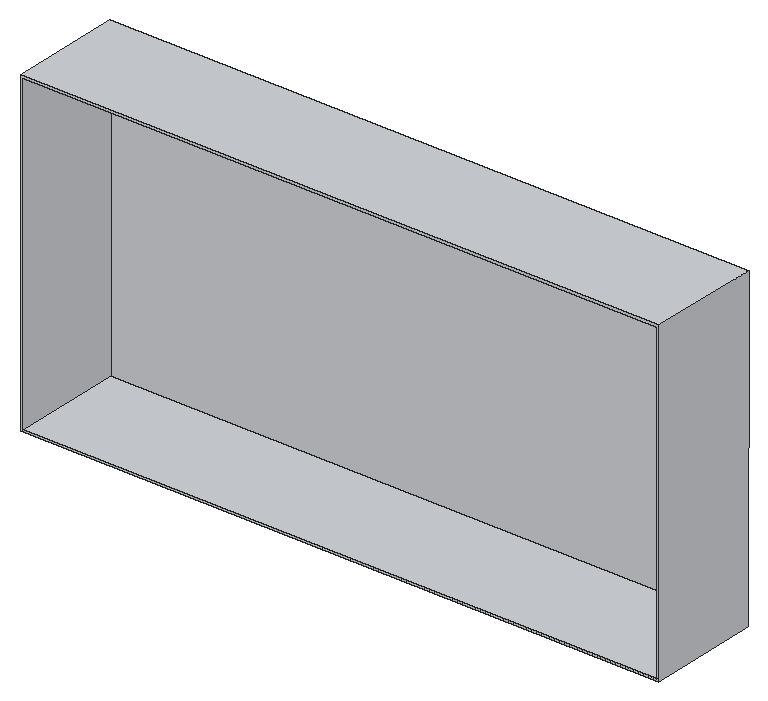
Revit family "Hager-Panelboard_800A_Cable_Spreader-empty-NoHosted-UK-en", category Electrical Equipment, Revit 2020
Family settings
  Panel Configuration = Two Columns, Circuits Across
  Round Connector Dimension = Use Diameter
  Part Type = Panelboard
  Work Plane-Based = Yes
  Always vertical = Yes
  Cut with Voids When Loaded = No
  Shared = No
  Room Calculation Point = No
Parameters (values of type "Surface mounted P2XC W900 H450 D158 0 Modular spacings - JF806E")
  Width Control [instance] = if([HG000006 - Flush mounted], if([EF000846 - Built-in width] > min_whd, [EF000846 - Built-in width], min_whd), if([EF000008 - Width] > min_whd, ([EF000008 - Width]), min_whd))  # 900 mm
  Void Depth [instance] = if([EF000218 - Built-in depth] > 1 mm, [EF000218 - Built-in depth], 1 mm)  # 1 mm
  Type Comments = [HG000003 - Range]  # "Panelboards"
  System Height [instance] = Height Control - 2 * [HG000005 - Thickness]  # 444 mm
  Panel Name [instance] = ""  # (empty or 0)
  Offset [instance] = 0 mm
  Model = [HG000004 - Manufacturer reference]  # "JF806E"
  Level Offset [instance] = [Flush Mounted - Door Frame Width] + Offset  # 0 mm
  HG000017 - Distance between poles = 18 mm
  HG000016 - Door 3d visibility [instance] = yes
  HG000015 - Clearance visibility [instance] = no
  HG000014 - Door on the right [instance] = yes
  HG000013 - Door on the left [instance] = not([HG000014 - Door on the right])  # no
  HG000012 - Door swing angle [instance] = 45.00°
  HG000011 - Empty rows from bottom = no
  HG000010 - Asymmetric doors = no
  HG000009 - Double swing door = no
  HG000008 - Number of empty rows = 0
  HG000007 - Number of empty columns = 0
  HG000006 - Flush mounted = no
  HG000005 - Thickness = 3 mm  # constant formula
  HG000004 - Manufacturer reference = "JF806E"
  HG000003 - Range = "Panelboards"
  HG000002 - With door or cover = no
  HG000001 - Number of columns = 0
  EF015941 - Signal passing door = no
  EF015777 - Neutral terminal block = yes
  EF015776 - Earthing terminal block = yes
  EF009212 - Cover model = ""
  EF006306 - With lock = yes
  EF006244 - Transparent cover/door = no
  EF005474 - Degree of protection (IP) = "EV009848 - IP2XC"
  EF004462 - Type of closure = "EV001412 - Cylinder"
  EF002950 - Width in number of modular spacings = 0
  EF001596 - Material housing = "EV000179 - Steel"
  EF001134 - DIN-rail = no
  EF001131 - Internal depth = 0 mm
  EF001088 - Extension possible = no
  EF001062 - EMC-version = no
  EF000846 - Built-in width = 0 mm
  EF000339 - Type of cover = "EV004216 - Door"
  EF000332 - Built-in height = 0 mm
  EF000266 - Number of rows = 0
  EF000218 - Built-in depth = 0 mm
  EF000118 - With mounting plate = no
  EF000116 - RAL-number = ""
  EF000049 - Depth = 158 mm
  EF000040 - Height = 450 mm
  EF000008 - Width = 900 mm
  EF000007 - Colour = "EV000154 - Other"
  EF000003 - Mounting method = "EV000384 - Surface mounted (plaster)"
  Description = ""
  Default Elevation = 1219.2 mm
  Arrow Offset [instance] = Depth Control / 8  # 19.75 mm
  Arrow Height [instance] = Depth Control - Arrow Offset  # 138.25 mm
  Host Offset [instance] = if([HG000006 - Flush mounted], 0 mm, [EF000049 - Depth])  # 158 mm
  min_whd [instance] = (2 * [HG000005 - Thickness]) + 1 mm  # 7 mm
  Manufacturer = "Hager"  # constant formula
  Height Control [instance] = if([HG000006 - Flush mounted], if([EF000332 - Built-in height] > min_whd, [EF000332 - Built-in height], min_whd), if([EF000040 - Height] > min_whd, ([EF000040 - Height]), min_whd))  # 450 mm
  Flush Mounted - Door Frame Width [instance] = if(([EF000040 - Height] - [EF000332 - Built-in height]) > 0 mm, if([HG000006 - Flush mounted], [EF000040 - Height] - [EF000332 - Built-in height], 0 mm), 0 mm)  # 0 mm
  Depth Control [instance] = if([HG000006 - Flush mounted], if([EF000218 - Built-in depth] > 0 mm, [EF000218 - Built-in depth], 1 mm), if([EF000049 - Depth] > 0 mm, ([EF000049 - Depth]), 1 mm))  # 158 mm
Types (2, lengths in mm): name | System Height | Model | HG000004 - Manufacturer reference | EF001088 - Extension possible | EF000339 - Type of cover | EF000040 - Height | Height Control
  Surface mounted P2XC W900 H300 D158  Modular spacings - JF805E | 294 | "JF805E" | "JF805E" | yes | "EV001012 - Cover" | 300 | 300
  Surface mounted P2XC W900 H450 D158 0 Modular spacings - JF806E | 444 | "JF806E" | "JF806E" | no | "EV004216 - Door" | 450 | 450
Reference planes
  plane 1 "Center (Front/Back)": y = 0
  plane 2: z = 0
  plane 3 "Center (Left/Right)": x = 0
  plane 4: y = 3
  plane 5: y = 0
  plane 6: y = 0
  plane 7: z = 0
  plane 8: x = -450
  plane 9: x = 450
  plane 10: x = 447
  plane 11: x = -447
  plane 12: z = 0
  plane 13: z = 3
  plane 14: y = -153
  plane 15: y = -158
  plane 16: y = -3
  plane 17: z = 447
  plane 18: z = 450
  plane 19: z = 225
  plane 20: x = 0
  plane 21: y = -100
Forms (mm)
  Extrusion 1, solid
    sketch origin (-208.679, -4572, 0) x (-1, 0, 0) y (0, -1, 0)
      loop
        line (241.321, -4414) -> (-658.679, -4414) -> (-658.679, -4572) -> (241.321, -4572) -> (241.321, -4414)
    from 0 to 450 <- "Height Control"
  Extrusion 2, void
    sketch origin (-350.771, -158, 1219.2) x (1, 0, 0) y (0, 0, 1)
      loop
        line (-96.229, -772.2) -> (-96.229, -1216.2) -> (797.771, -1216.2) -> (797.771, -772.2) -> (-96.229, -772.2)
    from 0 to -155
  Extrusion 3, solid, detail levels coarse+medium
    sketch origin (-350.771, -158, 1219.2) x (-1, 0, 0) y (0, 0, 1)
      loop
        line (96.229, -772.2) -> (-797.771, -772.2) -> (-797.771, -1216.2) -> (96.229, -1216.2) -> (96.229, -772.2)
    from 0 to 3 <- "HG000005 - Thickness"
Cuts and joins
  Extrusion 2 cuts Extrusion 1
Dimensions and locks
  "Flush Mounted - Door Frame Width": plane 1 "Center (Front/Back)" to plane 6
  "HG000005 - Thickness": plane 4 to plane 6
  "HG000005 - Thickness": plane 8 to plane 11
  "HG000005 - Thickness": plane 9 to plane 10
  equal spacing: plane 8, plane 3 "Center (Left/Right)", plane 9
  "Width Control": plane 8 to plane 9
  locked: plane 14 to plane 15 at 5
  "Host Offset": plane 1 "Center (Front/Back)" to plane 15
  "Depth Control": plane 5 to plane 15
  "HG000005 - Thickness": plane 5 to plane 16
  "HG000005 - Thickness": plane 13 to plane 12
  "Level Offset": plane 12 to level
  "HG000005 - Thickness": plane 18 to plane 17
  "Height Control": plane 18 to plane 12
  "Arrow Offset": plane 5 to nested 4
  equal spacing: plane 18, plane 19, plane 12
  locked: connector elem to plane 19
  locked: connector elem to plane 3 "Center (Left/Right)"
  aligned and locked: nested 1 to plane 14
  aligned and locked: plane 3 "Center (Left/Right)" to nested 1
  aligned and locked: plane 3 "Center (Left/Right)" to nested 2
  aligned and locked: nested 2 to plane 15
  aligned and locked: Extrusion 1 to plane 5
  aligned and locked: Extrusion 3 sketch curve to plane 17
  aligned and locked: Extrusion 3 sketch curve to plane 11
  aligned and locked: Extrusion 3 sketch curve to plane 13
  aligned and locked: Extrusion 3 sketch curve to plane 10
  aligned and locked: Extrusion 2 sketch curve to plane 13
  aligned and locked: Extrusion 2 sketch curve to plane 10
  aligned and locked: Extrusion 2 sketch curve to plane 17
  aligned and locked: Extrusion 2 sketch curve to plane 11
  aligned and locked: Extrusion 2 to plane 16
  aligned and locked: Extrusion 1 sketch curve to plane 5
  aligned and locked: plane 9 to Extrusion 1 sketch curve
  aligned and locked: plane 8 to Extrusion 1 sketch curve
  aligned and locked: plane 8 to nested 4
  aligned and locked: plane 8 to nested 3
  aligned and locked: nested 3 to plane 5
  aligned and locked: Extrusion 1 sketch curve to plane 15
  aligned and locked: Extrusion 2 to plane 15
Nested families
  nested 1: "Hager_Enclosure_System" at (0, -153, 3), Flush_Mounted <- "HG000006 - Flush mounted", Width <- "EF000008 - Width", Height <- "System Height", Width_Control <- "Width Control", Row_Module_Multiplicator <- "EF002950 - Width in number of modular spacings", Empty_Columns <- "HG000007 - Number of empty columns", Built-in_Width <- "EF000846 - Built-in width", Border <- "HG000005 - Thickness", Total_No_Empty_Rows <- "HG000008 - Number of empty rows", Depth <- "HG000005 - Thickness", Empty_Rows_From_Bottom <- "HG000011 - Empty rows from bottom", Distance_Between_Poles <- "HG000017 - Distance between poles", Rows_Count <- "EF000266 - Number of rows", Columns_Count <- "HG000001 - Number of columns", type "Hager_Enclosure_System", detail levels medium+fine
    with Width_Control 900 mm, Width 900 mm, Total_No_Rows 0, Total_No_Empty_Rows 0, Total_No_Columns 1, System_Width 894 mm, Rows_Count 0, Rows_Column 0, Row_Module_Multiplicator 0, Panel_4 no, Panel_3 no, Panel_2 no, Panel_1 no, No_Panels_Ctrl 1, Hide_Columns yes, Height 444 mm, Flush_Mounted no, Empty_Rows_From_Bottom no, Empty_Rows_Column 0, Empty_Columns 0, Distance_Between_Poles 18 mm, Depth 3 mm, Columns_Count 0, Column_Width 894 mm, Built-in_Width 0 mm, Border 3 mm
  nested 2: "Hager_Enclosure_Door" at (0, -158, 0), Double <- "HG000009 - Double swing door", Height_Ctrl <- "Height Control", Transparent <- "EF006244 - Transparent cover/door", Depth <- "EF000049 - Depth", Height <- "EF000040 - Height", Angle <- "HG000012 - Door swing angle", Door_Right <- "HG000014 - Door on the right", Assymetrical <- "HG000010 - Asymmetric doors", Flush_Mounted <- "HG000006 - Flush mounted", BuiltIn_Depth <- "EF000218 - Built-in depth", BuiltIn_Width <- "EF000846 - Built-in width", Door <- "HG000002 - With door or cover", Width_Ctrl <- "Width Control", 3d_Door <- "HG000016 - Door 3d visibility", Width <- "EF000008 - Width", Border <- "HG000005 - Thickness", BuiltIn_Height <- "EF000332 - Built-in height", Clearance <- "HG000015 - Clearance visibility", Door_Left <- "HG000013 - Door on the left", type "Hager_Enclosure_Door", detail levels medium+fine
    with min_wh 7 mm, Width_Ctrl 900 mm, Width 900 mm, Transparent_Door_No_Bottom_Border no, Transparent no, Leaf_Width 891 mm, Leaf_Tolerance 1.5 mm, Leaf_Height 441 mm, Leaf_2_Width 891 mm, Leaf_2_Offset 445.5 mm, Leaf_1_Width 891 mm, Leaf_1_Offset 445.5 mm, Height_Ctrl 450 mm, Height 450 mm, Frame_Width_Ctrl 900 mm, Frame_Width 900 mm, Frame_Internal_Offset 0 mm, Frame_Height_Ctrl 450 mm, Frame_Height 450 mm, Frame_Depth_Ctrl 1 mm, Frame_Depth 0 mm, Flush_Mounted no, Double_Clearance_Ctrl no, Double no, Door_Right_Ctrl no, Door_Right yes, Door_Left_Ctrl no, Door_Left no, Door no, Depth 158 mm, Clearance_Depth 891 mm, Clearance_Ctrl no, Clearance no, BuiltIn_Width 0 mm, BuiltIn_Height 0 mm, BuiltIn_Depth 0 mm, Border 3 mm, Assymetrical no, Angle 45.00°, 3d_Door yes
  nested 3: "Hager_Enclosure_Symbol_Triangle" at (-450, 0, 0), Depth <- "Depth Control", Width <- "Width Control", type "Hager_Enclosure_Symbol_Triangle"
    with Width_Ctrl 900 mm, Width 900 mm, Depth_Ctrl 158 mm, Depth 158 mm
  nested 4: "Hager_Enclosure_Symbol_Arrow" at (-450, -19.75, 0), Height <- "Arrow Height", type "Hager_Enclosure_Symbol_Arrow"
    with Width_Inside 10.369 mm, Width 124.425 mm, Height_Ctrl 138.25 mm, Height 138.25 mm
Connectors
  electrical at (0, 0, 225)
    settings: on plane 5, index 1, voltage 0 V, apparent load 0 VA, apparent load phase1 0 VA, apparent load phase2 0 VA, apparent load phase3 0 VA, power factor 1, load classification "Other", number of poles 1, system type 30, power factor state 1, is connector primary yes, connector utility no, sub classification motor no, connector description ""
Definition of nested family "Hager_Enclosure_Door"
  Parameters (values of type "Hager_Enclosure_Door")
    min_wh [instance] = (2 * Border) + 1 mm  # 11 mm
    Width_Ctrl [instance] = 400 mm
    Width [instance] = 500 mm
    Transparent_Door_No_Bottom_Border [instance] = no
    Transparent [instance] = yes
    Leaf_Width [instance] = if((Width_Ctrl - 2 * Border - 2 * Leaf_Tolerance) > 0 mm, (Width_Ctrl - 2 * Border - 2 * Leaf_Tolerance), min_wh)  # 387 mm
    Leaf_Tolerance [instance] = 1.5 mm  # constant formula
    Leaf_Height [instance] = if((Height_Ctrl - 2 * Border - 2 * Leaf_Tolerance) > 0 mm, (Height_Ctrl - 2 * Border - 2 * Leaf_Tolerance), min_wh)  # 387 mm
    Leaf_2_Width [instance] = if(and(and(Double, Assymetrical), Door_Left), (Leaf_Width / 3) - (Leaf_Tolerance / 2), if(and(and(Double, Assymetrical), Door_Right), (Leaf_Width / 3) * 2 - (Leaf_Tolerance / 2), if(and(Double, not(Assymetrical)), (Leaf_Width / 2) - Leaf_Tolerance, Leaf_Width)))  # 387 mm
    Leaf_2_Offset [instance] = if(and(Double, Assymetrical), Leaf_2_Width / 2, if(and(Double, not(Assymetrical)), Leaf_Width / 4, Leaf_Width / 2))  # 193.5 mm
    Leaf_1_Width [instance] = if(and(and(Double, Assymetrical), Door_Right), (Leaf_Width / 3) - (Leaf_Tolerance / 2), if(and(and(Double, Assymetrical), Door_Left), (Width / 3) * 2 - (Leaf_Tolerance / 2), if(and(Double, not(Assymetrical)), (Leaf_Width / 2) - Leaf_Tolerance, Leaf_Width)))  # 387 mm
    Leaf_1_Offset [instance] = if(and(Double, Assymetrical), Leaf_1_Width / 2, if(and(Double, not(Assymetrical)), Leaf_Width / 4, Leaf_Width / 2))  # 193.5 mm
    Height_Ctrl [instance] = 400 mm
    Height [instance] = 500 mm
    Frame_Width_Ctrl [instance] = if(Frame_Width > 0 mm, Frame_Width, 1 mm)  # 1 mm
    Frame_Width [instance] = Width - BuiltIn_Width  # 0 mm
    Frame_Internal_Offset [instance] = if(Flush_Mounted, Border, 0 mm)  # 5 mm
    Frame_Height_Ctrl [instance] = if(Frame_Height > 0 mm, Frame_Height, 1 mm)  # 1 mm
    Frame_Height [instance] = Height - BuiltIn_Height  # 0 mm
    Frame_Depth_Ctrl [instance] = if(Frame_Depth > 0 mm, Frame_Depth, 1 mm)  # 1 mm
    Frame_Depth [instance] = if(Depth - BuiltIn_Depth > 0 mm, if(Flush_Mounted, Depth - BuiltIn_Depth, 0 mm), 0 mm)  # 0 mm
    Flush_Mounted [instance] = yes
    Double_Clearance_Ctrl [instance] = and(Double, Clearance)  # no
    Double [instance] = no
    Door_Right_Ctrl [instance] = and(or(Door_Right, Double), Door)  # yes
    Door_Right [instance] = yes
    Door_Left_Ctrl [instance] = and(or(Door_Left, Double), Door)  # no
    Door_Left [instance] = no
    Door [instance] = yes
    Depth [instance] = 500 mm
    Default Elevation = 1219.2 mm
    Clearance_Material = none
    Clearance_Depth [instance] = if(Leaf_1_Width > Leaf_2_Width, Leaf_1_Width, Leaf_2_Width)  # 387 mm
    Clearance_Ctrl [instance] = and(not(Double), Clearance)  # yes
    Clearance [instance] = yes
    BuiltIn_Width [instance] = 500 mm
    BuiltIn_Height [instance] = 500 mm
    BuiltIn_Depth [instance] = 500 mm
    Border [instance] = 5 mm
    Assymetrical [instance] = yes
    Angle [instance] = 30.00°
    3d_Door [instance] = yes
  Reference planes
    plane 1 "Center (Front/Back)": y = 0
    plane 2 "Bottom": z = 0
    plane 3 "Center (Left/Right)": x = 0
    plane 4: z = 400
    plane 5: x = -200
    plane 6: x = 200
    plane 7: z = 395
    plane 8: x = -195
    plane 9: z = 5
    plane 10: x = 195
    plane 11: y = 0
    plane 12: z = 6.5
    plane 13: x = -582
    plane 14: y = -387
    plane 15: x = 582
    plane 16: x = 0
    plane 17: x = 0
    plane 18: x = -193.5
    plane 19: x = 193.5
    plane 20: z = 393.5
  Forms (mm)
    Extrusion 1, solid, visible <- "Flush_Mounted"
      sketch origin (0, 0, 0) x (1, 0, 0) y (0, 0, 1)
        loop
          line (195, 5) -> (195, 395) -> (-195, 395) -> (-195, 5) -> (195, 5)
        loop
          line (-201, 401) -> (-201, -1) -> (201, -1) -> (201, 401) -> (-201, 401)
      from 0 to 1 <- "Frame_Depth_Ctrl"
    Extrusion 2, solid, material <- "Clearance_Material", visible <- "Double_Clearance_Ctrl"
      sketch origin (1200, 0, 0) x (1, 0, 0) y (0, 0, -1)
        loop
          line (-1782, -393.5) -> (-618, -393.5) -> (-618, 0) -> (-1782, 0) -> (-1782, -393.5)
      from 0 to -387
  Dimensions and locks
    equal spacing: plane 5, plane 3 "Center (Left/Right)", plane 6
    "Width_Ctrl": plane 5 to plane 6
    "Border": plane 5 to plane 8
    "Border": plane 6 to plane 10
    "Border": plane 9 to level
    "Border": plane 4 to plane 7
    "Height_Ctrl": plane 4 to level
    "Leaf_Tolerance": plane 12 to plane 9
    "Frame_Depth": plane 11 to plane 1 "Center (Front/Back)"
    "Frame_Width_Ctrl": plane 5 to Extrusion 1 sketch curve
    "Frame_Width_Ctrl": plane 6 to Extrusion 1 sketch curve
    "Frame_Width_Ctrl": Extrusion 1 sketch curve to plane 4
    "Frame_Width_Ctrl": plane 2 "Bottom" to Extrusion 1 sketch curve
    "Leaf_1_Offset": plane 18 to plane 16
    "Leaf_2_Offset": plane 17 to plane 19
    "Leaf_1_Width": plane 13 to plane 8
    "Leaf_2_Width": plane 10 to plane 15
    "Clearance_Depth": plane 14 to plane 1 "Center (Front/Back)"
    "Leaf_Tolerance": plane 8 to plane 18
    "Leaf_Tolerance": plane 19 to plane 10
    "Leaf_Tolerance": plane 7 to plane 20
    "Frame_Internal_Offset": plane 5 to Extrusion 1 sketch curve
    "Frame_Internal_Offset": Extrusion 1 sketch curve to plane 2 "Bottom"
    "Frame_Internal_Offset": plane 6 to Extrusion 1 sketch curve
    "Frame_Internal_Offset": plane 4 to Extrusion 1 sketch curve
    aligned and locked: level to plane 2 "Bottom"
    aligned and locked: nested 1 to plane 16
    aligned and locked: nested 2 to plane 17
    aligned and locked: Extrusion 2 to plane 13
    aligned and locked: plane 15 to Extrusion 2
    aligned and locked: Extrusion 2 to plane 14
    aligned and locked: plane 12 to nested 1
    aligned and locked: nested 2 to plane 12
    aligned and locked: Extrusion 2 to plane 11
    aligned and locked: plane 20 to Extrusion 2
    aligned and locked: nested 2 to plane 11
    aligned and locked: nested 1 to plane 11
  Automatic sketch dimensions
    Extrusion 2 sketch curve to level = 0 mm
    plane 5 to Extrusion 2 sketch curve = 382 mm
    plane 6 to Extrusion 2 sketch curve = 382 mm
    Extrusion 2 sketch curve to plane 4 = 6.5 mm
  Nested families
    nested 1: "Hager_Enclosure_Door_Leaf" at (0, 0, 6.5), Width <- "Leaf_1_Width", visible <- "Door_Left_Ctrl", Leaf_Height <- "Leaf_Height", Angle <- "Angle", Depth <- "Border", 3d_Door <- "3d_Door", Transparent <- "Transparent", Clearance Material <- "Clearance_Material", Clearance <- "Clearance_Ctrl", Transparent_Door_No_Bottom_Border <- "Transparent_Door_No_Bottom_Border", type "Hager_Enclosure_Door_Leaf"
      with Width 387 mm, Transparent_Door_No_Bottom_Border no, Transparent_Door_Border_Bottom_Top 25 mm, Transparent_Door_Border 25 mm, Transparent_Ctrl yes, Transparent yes, Standard no, Leaf_Height 387 mm, Glass_Offset 1 mm, Depth 5 mm, Clearance Material none, Clearance yes, Angle_Ctrl 30.00°, Angle 30.00°, 3d_Door yes
    nested 2: "Hager_Enclosure_Door_Leaf" at (0, 0, 6.5) x (-1, 0, 0) z (0, 0, 1), Width <- "Leaf_2_Width", visible <- "Door_Right_Ctrl", Leaf_Height <- "Leaf_Height", Angle <- "Angle", Depth <- "Border", 3d_Door <- "3d_Door", Transparent <- "Transparent", Clearance Material <- "Clearance_Material", Clearance <- "Clearance_Ctrl", Transparent_Door_No_Bottom_Border <- "Transparent_Door_No_Bottom_Border", type "Hager_Enclosure_Door_Leaf"
      with Width 387 mm, Transparent_Door_No_Bottom_Border no, Transparent_Door_Border_Bottom_Top 25 mm, Transparent_Door_Border 25 mm, Transparent_Ctrl yes, Transparent yes, Standard no, Leaf_Height 387 mm, Glass_Offset 1 mm, Depth 5 mm, Clearance Material none, Clearance yes, Angle_Ctrl 30.00°, Angle 30.00°, 3d_Door yes
  Definition of nested family "Hager_Enclosure_Door_Leaf"
    Parameters (values of type "Hager_Enclosure_Door_Leaf")
      Width [instance] = 2000 mm
      Transparent_Door_No_Bottom_Border [instance] = yes
      Transparent_Door_Border_Bottom_Top [instance] = if(Transparent_Door_No_Bottom_Border, 0.1 mm, Transparent_Door_Border)  # 0.1 mm
      Transparent_Door_Border [instance] = if(Transparent_Door_No_Bottom_Border, (Width * 0.12), 25 mm)  # 240 mm
      Transparent_Ctrl [instance] = and(Transparent, [3d_Door])  # yes
      Transparent [instance] = yes
      Standard [instance] = and(not(Transparent), [3d_Door])  # no
      Leaf_Height [instance] = 2720.336 mm
      Glass_Offset [instance] = if((Depth - 10 mm) / 2 > 0 mm, (Depth - 10 mm) / 2, 1 mm)  # 15 mm
      Glass_Material = none
      Depth [instance] = 40 mm
      Default Elevation = 0 mm
      Clearance Material [instance] = none
      Clearance [instance] = yes
      Angle_Ctrl [instance] = if(Angle > 170.00°, 170.00°, Angle)  # 45.00°
      Angle [instance] = 45.00°
      3d_Door [instance] = yes
    Reference planes
      plane 1 "Center (Front/Back)": y = 0
      plane 2: z = 0
      plane 3 "Center (Left/Right)": x = 0
      plane 4: y = 2000
      plane 5: x = -1000
      plane 6: x = 1000
      plane 7: x = -3000
      plane 8: z = 2720.336
      plane 9: z = 0.1
      plane 10: z = 2720.236
      plane 11: x = 760
      plane 12: x = -760
    Forms (mm)
      Extrusion 1, solid, material <- "Clearance Material", visible <- "Clearance"
        sketch origin (0, 0, 0) x (1, 0, 0) y (0, 0, 1)
          loop
            line (-3000, 2720.336) -> (-3000, 0) -> (1000, 0) -> (1000, 2720.336) -> (-3000, 2720.336)
        from 0 to -2000
      Extrusion 2, solid, visible <- "Standard", detail levels medium+fine
        sketch origin (-1000, 0, 0) x (0.707107, 0.707107, 0) y (-0.707107, 0.707107, 0)
          loop
            line (0, -40) -> (2000, -40) -> (2000, 0) -> (0, 0) -> (0, -40)
        from 0 to 2720.336 <- "Leaf_Height"
      Extrusion 3, solid, visible <- "Transparent_Ctrl", detail levels medium+fine
        sketch origin (-1000, 0, 0) x (0.707107, 0.707107, 0) y (-0.707107, 0.707107, 0)
          loop
            line (0, -40) -> (2000, -40) -> (2000, 0) -> (0, 0) -> (0, -40)
        from 0 to 2720.336 <- "Leaf_Height"
      Extrusion 4, void, detail levels medium+fine
        sketch origin (-1000, 0, 0) x (-0.707107, 0.707107, 0) y (0.707107, 0.707107, 0)
          loop
            line (0, 240) -> (0, 1760) -> (-40, 1760) -> (-40, 240) -> (0, 240)
        from -2720.236 to -0.1
      Extrusion 5, solid, material <- "Glass_Material", visible <- "Transparent_Ctrl", detail levels medium+fine
        sketch origin (-1000, 0, 0) x (0.707107, 0.707107, 0) y (-0.707107, 0.707107, 0)
          loop
            line (240, -15) -> (240, -25) -> (1760, -25) -> (1760, -15) -> (240, -15)
        from 0.1 to 2720.236
    Cuts and joins
      Extrusion 4 cuts Extrusion 3
    Lines and regions (mm)
      symbolic lines
        curve 1: line (1000, 0, 0) -> (-3000, 0, 0)
        curve 2: arc (1000, 0, 0) -> (-1000, 2000, 0) -> (-3000, 0, 0) r 2000
        curve 4: line (-1000, 0, 0) -> (414.214, 1414.214, 0)
      reference lines
        curve 3: line (-1000, 0, 0) -> (414.214, 1414.214, 0)
      symbolic lines, detail levels medium+fine
        curve 5: line (414.214, 1414.214, 0) -> (442.498, 1385.929, 0)
        curve 6: line (442.498, 1385.929, 0) -> (-971.716, -28.284, 0)
        curve 7: line (-971.716, -28.284, 0) -> (-1000, 0, 0)
        curve 8: line (-1000, 0, 2720.336) -> (1000, 0, 2720.336)
        curve 9: line (-1000, 0, 0) -> (-1000, 0, 2720.336)
        curve 10: line (1000, 0, 0) -> (-1000, 0, 0)
        curve 11: line (1000, 0, 2720.336) -> (1000, 0, 0)
      symbolic lines, visible <- "Transparent_Ctrl", detail levels medium+fine
        curve 12: line (-760, 0, 2720.236) -> (760, 0, 2720.236)
        curve 13: line (-760, 0, 0.1) -> (-760, 0, 2720.236)
        curve 14: line (760, 0, 0.1) -> (-760, 0, 0.1)
        curve 15: line (760, 0, 2720.236) -> (760, 0, 0.1)
    Dimensions and locks
      "Width": plane 1 "Center (Front/Back)" to plane 4
      equal spacing: plane 5, plane 3 "Center (Left/Right)", plane 6
      "Width": plane 5 to plane 6
      "Width": plane 7 to plane 5
      "Leaf_Height": plane 8 to level
      "Depth": curve 6 to curve 3
      "Width": curve 5 to curve 3
      "Width": curve 3 to curve 3
      "Transparent_Door_Border": Extrusion 4 sketch curve to curve 7
      "Transparent_Door_Border": Extrusion 4 sketch curve to curve 5
      "Transparent_Door_Border_Bottom_Top": plane 8 to plane 10
      "Transparent_Door_Border_Bottom_Top": plane 9 to level
      "Glass_Offset": Extrusion 5 sketch curve to curve 4
      "Glass_Offset": Extrusion 5 sketch curve to curve 6
      "Transparent_Door_Border": Extrusion 5 sketch curve to curve 5
      "Transparent_Door_Border": Extrusion 5 sketch curve to curve 7
      "Transparent_Door_Border": plane 12 to plane 5
      "Transparent_Door_Border": plane 6 to plane 11
      "Angle_Ctrl": angle plane 1 "Center (Front/Back)" to curve 3
      aligned and locked: level to plane 2
      aligned and locked: Extrusion 1 to curve 1
      aligned and locked: plane 6 to Extrusion 1
      aligned and locked: Extrusion 1 to plane 1 "Center (Front/Back)"
      aligned and locked: plane 4 to Extrusion 1
      aligned and locked: plane 8 to Extrusion 1
      aligned and locked: curve 4 to curve 3
      aligned and locked: Extrusion 2 sketch curve to curve 7
      aligned and locked: Extrusion 2 sketch curve to curve 6
      aligned and locked: Extrusion 2 sketch curve to curve 5
      aligned and locked: Extrusion 2 sketch curve to curve 3
      aligned and locked: curve 7 to Extrusion 3 sketch curve
      aligned and locked: Extrusion 3 sketch curve to curve 4
      aligned and locked: Extrusion 3 sketch curve to curve 6
      aligned and locked: Extrusion 3 sketch curve to curve 5
      aligned and locked: curve 4 to Extrusion 4 sketch curve
      aligned and locked: curve 6 to Extrusion 4 sketch curve
      aligned and locked: Extrusion 4 to plane 9
      aligned and locked: Extrusion 4 to plane 10
      aligned and locked: Extrusion 5 to plane 9
      aligned and locked: Extrusion 5 to plane 10
      aligned and locked: curve 8 to plane 8
      aligned and locked: plane 5 to curve 9
      aligned and locked: plane 2 to curve 10
      aligned and locked: curve 11 to plane 6
      aligned and locked: plane 10 to curve 12
      aligned and locked: plane 12 to curve 13
      aligned and locked: curve 14 to plane 9
      aligned and locked: plane 11 to curve 15
    Automatic sketch dimensions
      plane 1 "Center (Front/Back)" to curve 2 = 0 mm
      curve 2 to plane 5 = 0 mm
      Extrusion 1 sketch curve to level = 0 mm
      Extrusion 1 sketch curve to plane 7 = 0 mm
      Extrusion 1 sketch curve to plane 6 = 0 mm
      Extrusion 1 sketch curve to plane 8 = 0 mm
      plane 1 "Center (Front/Back)" to curve 3 = 0 mm
      curve 3 to plane 5 = 0 mm
      curve 7 to curve 3 = 0 mm
Definition of nested family "Hager_Enclosure_Symbol_Triangle"
  Parameters (values of type "Hager_Enclosure_Symbol_Triangle")
    Width_Ctrl [instance] = if(Width > 1 mm, Width, 1 mm)  # 498 mm
    Width [instance] = 498 mm
    Depth_Ctrl [instance] = if(Depth > 1 mm, Depth, 1 mm)  # 72 mm
    Depth [instance] = 72 mm
  Reference planes
    plane 1 "Centre (avant/arrière)": y = 0
    plane 2: z = 0
    plane 3 "Centre (gauche/droite)": x = 0
  Lines and regions (mm)
    Filled region 1, type "Solid_Black", in view "Niveau de réf."
      outline origin (0, 0, 0) x (1, 0, 0) y (0, 1, 0)
        loop
          line (0, 0) -> (498, 0) -> (498, 72) -> (0, 0)
    reference lines, in view "Niveau de réf."
      curve 1: line (-206.153, 72, 0) -> (1083.258, 72, 0)
      curve 2: line (498, 405.456, 0) -> (498, -517.619, 0)
  Dimensions and locks
    "Depth_Ctrl": plane 1 "Centre (avant/arrière)" to curve 1
    "Width_Ctrl": plane 3 "Centre (gauche/droite)" to curve 2
    aligned and locked: curve 1 to Filled region 1 sketch curve
    aligned and locked: Filled region 1 sketch curve to plane 1 "Centre (avant/arrière)"
    aligned and locked: curve 2 to Filled region 1 sketch curve
    aligned and locked: plane 3 "Centre (gauche/droite)" to Filled region 1 sketch curve
    aligned and locked: plane 1 "Centre (avant/arrière)" to Filled region 1 sketch curve
  Automatic sketch dimensions
    curve 1 to plane 3 "Centre (gauche/droite)" = 206.153 mm
    curve 2 to curve 1 = 585.258 mm
    plane 1 "Centre (avant/arrière)" to curve 2 = 517.619 mm
    curve 2 to plane 1 "Centre (avant/arrière)" = 405.456 mm
Definition of nested family "Hager_Enclosure_Symbol_Arrow"
  Parameters (values of type "Hager_Enclosure_Symbol_Arrow")
    Width_Inside [instance] = if(Width / 12 > 2 mm, Width / 12, 2 mm)  # 4.987 mm
    Width [instance] = if(Height_Ctrl * 0.9 > 2 mm, Height_Ctrl * 0.9, 2 mm)  # 59.85 mm
    Height_Ctrl [instance] = if(Height > 2 mm, Height, 2 mm)  # 66.5 mm
    Height [instance] = 66.5 mm
  Reference planes
    plane 1 "Centre (avant/arrière)": y = 0
    plane 2: z = 0
    plane 3 "Centre (gauche/droite)": x = 0
    plane 4: x = 59.85
    plane 5: y = 28.263
    plane 6: y = 38.238
    plane 7: y = 66.5
    plane 8: x = 29.925
    plane 9: y = 33.25
  Lines and regions (mm)
    Filled region 1, type "Solid_Black", in view "Niveau de réf."
      outline origin (0, 0, 0) x (1, 0, 0) y (0, 1, 0)
        loop
          line (59.85, 66.5) -> (37.929, 52.827) -> (51.846, 41.935) -> (59.85, 66.5)
    detail lines, in view "Niveau de réf."
      curve 1: line (0, 0, 0) -> (29.925, 38.238, 0)
      curve 2: line (29.925, 38.238, 0) -> (29.925, 28.263, 0)
      curve 3: line (29.925, 28.263, 0) -> (59.85, 66.5, 0)
  Dimensions and locks
    "Width": plane 3 "Centre (gauche/droite)" to plane 4
    "Height_Ctrl": plane 7 to plane 1 "Centre (avant/arrière)"
    equal spacing: plane 3 "Centre (gauche/droite)", plane 8, plane 4
    equal spacing: plane 7, plane 9, plane 1 "Centre (avant/arrière)"
    equal spacing: plane 6, plane 9, plane 5
    "Width_Inside": plane 6 to plane 9
    equal spacing: curve 3, Filled region 1 sketch curve, Filled region 1 sketch curve
    angle Filled region 1 sketch curve to curve 3 = 20.00°
    angle curve 3 to Filled region 1 sketch curve = 20.00°
    locked: curve 3 to Filled region 1 sketch curve (angle 90.00°)
  Automatic sketch dimensions
    plane 1 "Centre (avant/arrière)" to curve 1 = 0 mm
    curve 1 to plane 3 "Centre (gauche/droite)" = 0 mm
    curve 2 to plane 6 = 0 mm
    curve 3 to plane 8 = 0 mm
    curve 3 to plane 4 = 0 mm
    curve 2 to plane 5 = 0 mm
    curve 3 to plane 7 = 0 mm
    Filled region 1 sketch curve to plane 4 = 0 mm
    Filled region 1 sketch curve to plane 7 = 0 mm
